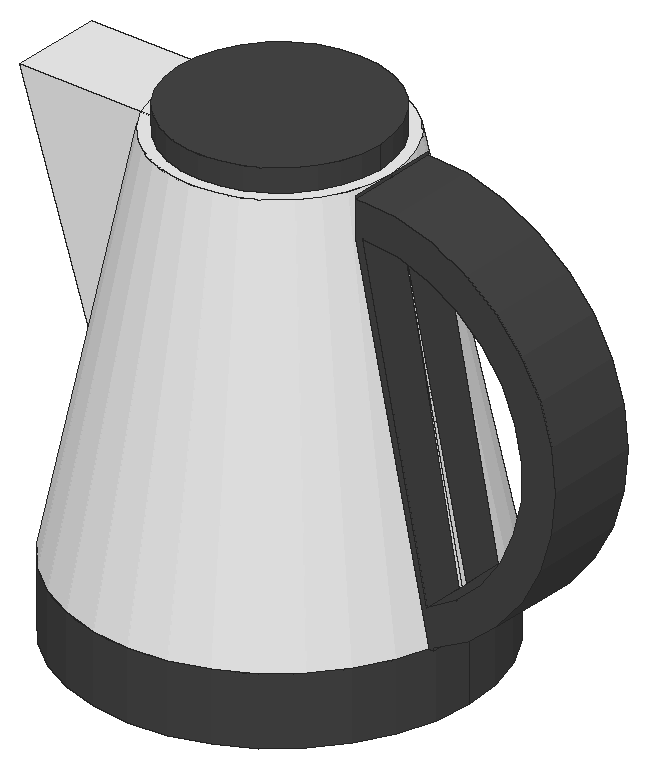
Revit family
Parameters
  Length = 2438.4 mm
  Angle = 36.00°
Reference planes
  plane 1 "Center Front/Back": y = 0
  plane 2: z = 0
  plane 3 "Center Left/Right": x = 0
Forms (mm)
  Extrusion 1, solid, material "Plastic - Black"
    sketch origin (0, 0, 0) x (1, 0, 0) y (0, 1, 0)
      loop
        circle (0, 0) r 85
    from 0 to 30
  Blend 2, solid, material "Aluminum"
    base sketch origin (0, 0, 0) x (1, 0, 0) y (0, 1, 0)
      loop
        circle (0, 0) r 85
    top sketch origin (0, 0, 0) x (1, 0, 0) y (0, 1, 0)
      loop
        circle (0, 0) r 50
    from 30 to 200
  Extrusion 3, solid, material "Plastic - Black"
    sketch origin (0, 0, 0) x (1, 0, 0) y (0, 1, 0)
      loop
        circle (0, 0) r 45
    from 200 to 210
  Extrusion 4, solid, material "Plastic - Black"
    sketch origin (0, 0, 0) x (1, 0, 0) y (0, 1, 0)
      loop
        line (50, 20) -> (50, -20) -> (154.896, -20) -> (154.896, 20) -> (50, 20)
    from 30 to 200
  Extrusion 5, void
    sketch origin (0, 0, 0) x (1, 0, 0) y (0, 0, 1)
      loop
        line (84.756, 31.118) -> (85, 30) -> (154.896, 30) -> (154.896, 200) -> (50, 200) -> (50.239, 198.877)
        arc (50.239, 198.877) -> (137.684, 129.439) -> (84.756, 31.118) r 87
    from -113.476 to 210
  Extrusion 6, void
    sketch origin (0, 0, 0) x (1, 0, 0) y (0, 0, 1)
      loop
        arc (81.641, 46.08) -> (122.998, 126.389) -> (53.338, 183.9) r 72
        line (53.338, 183.9) -> (81.641, 46.08)
    from -153.991 to 210
  Extrusion 7, solid, material "Aluminum"
    sketch origin (-170, 0, 0) x (1, 0, 0) y (0, 1, 0)
      loop
        line (70, 20) -> (70, -20) -> (154.896, -20) -> (154.896, 20) -> (70, 20)
    from 30 to 200
  Extrusion 8, void
    sketch origin (0, 0, 0) x (1, 0, 0) y (0, 0, 1)
      loop
        line (-100, 200) -> (-100, 30) -> (-82.955, 30) -> (-67.862, 101.089) -> (-100, 200)
    from -131.013 to 210
Cuts and joins
  Extrusion 5, Extrusion 6 cuts Extrusion 4
  Extrusion 8 cuts Extrusion 7
Dimensions and locks
  aligned and locked: level to plane 2
